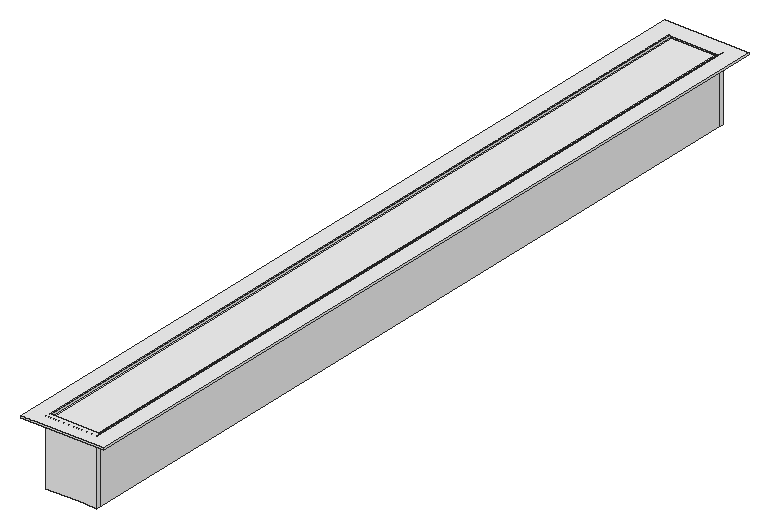
Revit family "EOS3.0-R-WET", category Lighting Fixtures, host Face, Revit 2018
Family settings
  Host = Face
  Round Connector Dimension = Use Diameter
  Part Type = Normal
  Cut with Voids When Loaded = No
  Light Source = Yes
  Shared = Yes
  Room Calculation Point = Yes
Parameters (values of type "4' Direct")
  Wattage = 17.6471 W
  built-in parameter 1150110 = 1 (stored number, unit not read)
  Voltage = 0 V
  Type Comments = "LUX ILLUMINAIRE"
  Trim = yes
  built-in parameter 1114217 = 1 (stored number, unit not read)
  Tilt Angle = 90.00°
  built-in parameter 1150109 = 1 (stored number, unit not read)
  built-in parameter 1150134 = 12
  Switch Leg Visibility = no
  Switch Leg [instance] = ""
  built-in parameter 1150113 = 1 (stored number, unit not read)
  Photometric Web File = "EOS 3.0-R-WET 375 4 40K 8.ies"
  Material [instance] = LUX ILLUMINAIRE White
  Manufacturer = ""
  built-in parameter 1150105 = 119.37 (stored number, unit not read)
  Lumens = 1500 lm
  built-in parameter 1150115 = 1 (stored number, unit not read)
  built-in parameter 1150137 = (empty or 0)
  built-in parameter 1150139 = (empty or 0)
  built-in parameter 1150112 = 1 (stored number, unit not read)
  built-in parameter 1150114 = 1 (stored number, unit not read)
  Lamp = "LED"
  built-in parameter 1150132 = 2
  built-in parameter 1150102 = (empty or 0)
  built-in parameter 1150107 = 4000 (stored number, unit not read)
  built-in parameter 1150138 = (empty or 0)
  built-in parameter 1150106 = 1.1937 (stored number, unit not read)
  Fixture Width = 0' - 3 19/128"  # constant formula
  Fixture Symbol Visiblity = yes
  Fixture Length = 4' - 0"
  Emit from Rectangle Width = Fixture Width - 0' 0 1/4"  # 0' - 2 115/128"
  Emit from Rectangle Length = Fixture Length  # 4' - 0"
  Emit Shape Visible in Rendering = yes
  Emergency Lighting [instance] = no
  built-in parameter 1150104 = 7.8968 (stored number, unit not read)
  Dimming Lamp Color Temperature Shift = <None>
  Default Elevation = 4' - 0"
  Color Filter = 16777215
  built-in parameter 1140040 [instance] = 1
  built-in parameter 1114218 = 1 (stored number, unit not read)
  built-in parameter 1150133 = 10 (stored number, unit not read)
  Apparent Load = 14.6 VA
Types (7): name | Wattage | Type Comments | Manufacturer | built-in parameter 1150105 | Lumens | built-in parameter 1150106 | Fixture Length | Emit from Rectangle Length | Apparent Load
  2' Direct | 8.82353 W | 0' - 0" | "LUX ILLUMINAIRE" | 59.683 (stored number, unit not read) | 750 lm | 0.59683 (stored number, unit not read) | 2' - 0" | 2' - 0" | 7.4 VA
  3' Direct | 13.2353 W | "LUX ILLUMINAIRE" | "" | 89.525 (stored number, unit not read) | 1125 lm | 0.89525 (stored number, unit not read) | 3' - 0" | 3' - 0" | 11 VA
  4' Direct | 17.6471 W | "LUX ILLUMINAIRE" | "" | 119.37 (stored number, unit not read) | 1500 lm | 1.1937 (stored number, unit not read) | 4' - 0" | 4' - 0" | 14.6 VA
  5' Direct | 22.0588 W | "LUX ILLUMINAIRE" | "" | 149.21 (stored number, unit not read) | 1875 lm | 1.4921 (stored number, unit not read) | 5' - 0" | 5' - 0" | 18.2 VA
  6' Direct | 26.4706 W | 0' - 0" | "LUX ILLUMINAIRE" | 179.05 (stored number, unit not read) | 2250 lm | 1.7905 (stored number, unit not read) | 6' - 0" | 6' - 0" | 21.9 VA
  7' Direct | 30.8824 W | 0' - 0" | "LUX ILLUMINAIRE" | 208.89 (stored number, unit not read) | 2625 lm | 2.0889 (stored number, unit not read) | 7' - 0" | 7' - 0" | 25.5 VA
  8' Direct | 35.2941 W | 0' - 0" | "LUX ILLUMINAIRE" | 238.73 (stored number, unit not read) | 3000 lm | 2.3873 (stored number, unit not read) | 8' - 0" | 8' - 0" | 29.2 VA
Reference planes (in)
  plane 1 "Center (Front/Back)": y = 0
  plane 2: z = 0
  plane 3 "Center (Left/Right)": x = 0
  plane 4: x = 1.57422
  plane 5: x = -1.57422
  plane 6: y = 24
  plane 7: y = -24
  plane 8: z = 0
  plane 9: y = 24.25
  plane 10: y = -24.25
  plane 11: z = -3.91797
Forms (in)
  Extrusion 1, solid, material "LUX ILLUMINAIRE White" <- "Material"
    sketch origin (0, 0, -20.03125) x (1, 0, 0) y (0, 0, 1)
      loop
        line (-1.57447, 16.11178) -> (-0.437, 16.11178) -> (0.438, 16.11178) -> (1.57548, 16.11178) -> (1.57548, 20.12626) -> (1.49049, 20.12626) -> (1.49049, 20.01325) -> (1.3385, 20.03122) -> (-1.33792, 20.03122) -> (-1.48948, 20.01325) -> (-1.48948, 20.12626) -> (-1.57447, 20.12626) -> (-1.57447, 16.11178)
    from -24 to 24
  Extrusion 2, solid, material "LUX ILLUMINAIRE White" <- "Material"
    sketch origin (0, 0, -20.03125) x (1, 0, 0) y (0, 0, 1)
      loop
        line (-1.57447, 20.12626) -> (-1.57447, 16.11178) -> (-0.437, 16.11178) -> (0.438, 16.11178) -> (1.57548, 16.11178) -> (1.57548, 20.12626) -> (-1.57447, 20.12626)
    from 24 to 24.25
  Extrusion 3, solid, not visible
    sketch origin (0, 0, 0) x (1, 0, 0) y (0, 1, 0)
      loop
        circle (0.00029, -24) r 0.1875
    from 0 to 1
  Extrusion 4, solid, not visible
    sketch origin (0, 0, 0) x (1, 0, 0) y (0, 1, 0)
      loop
        circle (0.0005, -24) r 0.03125
    from 1 to 13.33203
  Extrusion 5, solid, not visible
    sketch origin (0, 0, 0) x (1, 0, 0) y (0, 1, 0)
      loop
        circle (0.0005, -24) r 0.18729
    from 13.33203 to 14.08203
  Extrusion 6, solid, material "LUX ILLUMINAIRE White" <- "Material"
    sketch origin (0.00056, 24, -20.03125) x (1, 0, 0) y (0, 0, -1)
      loop
        line (-1.57478, -20.12626) -> (1.57366, -20.12626) -> (1.57366, -16.11178) -> (0.438, -16.11178) -> (-0.437, -16.11178) -> (-1.57478, -16.11178) -> (-1.57478, -20.12626)
    from 0 to 0.25
  Extrusion 7, solid, material "LUX ILLUMINAIRE White" <- "Material", visible <- "Trim"
    sketch origin (0, 0, 0) x (1, 0, 0) y (0, 1, 0)
      loop
        line (-2.57422, 25) -> (-2.57422, -25) -> (2.57422, -25) -> (2.57422, 25) -> (-2.57422, 25)
      loop
        line (-1.57422, 24) -> (-1.57422, -24) -> (1.57422, -24) -> (1.57422, 24) -> (-1.57422, 24)
    from 0 to 0.125
Lines and regions (in)
  symbolic lines, visible <- "Fixture Symbol Visiblity"
    curve 1: line (-1.57422, 24, 0) -> (1.57422, 24, 0)
    curve 2: line (-1.57422, -24, 0) -> (-1.57422, 24, 0)
    curve 3: line (1.57422, -24, 0) -> (-1.57422, -24, 0)
    curve 4: line (1.57422, 24, 0) -> (1.57422, -24, 0)
Dimensions and locks (in)
  plane 5 to plane 4 = 0' - 3 19/128"
  equal spacing: plane 7, plane 1 "Center (Front/Back)", plane 6
  "Fixture Length": plane 7 to plane 6
  plane 8 to host face = 0' - 0"
  locked: plane 6 to plane 9 at 0.25
  locked: plane 10 to plane 7 at 0.25
  Extrusion 6 to plane 8 to plane 11 = 0' - 0.09501" locked, 0' - 3 235/256" locked
  "Fixture Width": plane 4 to plane 5
  equal spacing: plane 4, plane 3 "Center (Left/Right)", plane 5
  locked: nested 2 to plane 10 at 9.5
  plane 11 to plane 8 = 0' - 3 235/256"
  Extrusion 7 sketch curve to Extrusion 7 sketch curve = 0' - 1"  (x3)
  Extrusion 2 to Extrusion 7 sketch curve = 0' - 1"
  aligned and locked: plane 2 to host face
  aligned and locked: level to host face
  aligned and locked: Extrusion 6 to plane 5
  aligned and locked: plane 4 to Extrusion 6
  aligned and locked: plane 6 to Extrusion 6
  aligned and locked: Extrusion 1 to plane 6
  aligned and locked: plane 10 to Extrusion 2
  aligned and locked: Extrusion 2 to plane 7
  aligned and locked: plane 7 to Extrusion 1
  aligned and locked: Extrusion 6 to plane 9
  aligned and locked: plane 7 to nested 1
  aligned and locked: plane 6 to curve 1
  aligned and locked: plane 5 to curve 2
  aligned and locked: curve 3 to plane 7
  aligned and locked: curve 4 to plane 4
  aligned and locked: nested 1 to plane 6
  aligned and locked: Extrusion 7 sketch curve to plane 4
  aligned and locked: Extrusion 7 sketch curve to plane 7
  aligned and locked: plane 5 to Extrusion 7 sketch curve
  aligned and locked: plane 6 to Extrusion 7 sketch curve
Automatic sketch dimensions
  host sketch curve to host sketch curve = 8' - 0"  (x2)
  Extrusion 1 sketch curve to plane 5 = 0' - 0.00025"
  plane 5 to Extrusion 1 sketch curve = 0' - 0.08474"  (x2)
  Extrusion 1 sketch curve to plane 8 = 0' - 0.018"  (x2)
  Extrusion 1 sketch curve to plane 8 = 0' - 0.00003"  (x2)
  Extrusion 1 sketch curve to Extrusion 1 sketch curve = 0' - 0.15157"
  Extrusion 1 sketch curve to plane 11 = 0' - 0.0015"
  Extrusion 1 sketch curve to plane 3 "Center (Left/Right)" = 0' - 0.437"
  plane 3 "Center (Left/Right)" to Extrusion 1 sketch curve = 0' - 0.438"
  Extrusion 1 sketch curve to plane 4 = 0' - 0.23572"
  Extrusion 1 sketch curve to plane 4 = 0' - 0.08373"  (x2)
  plane 4 to Extrusion 1 sketch curve = 0' - 0.00126"
  plane 8 to Extrusion 1 sketch curve = 0' - 0.09501"  (x2)
  Extrusion 1 sketch curve to Extrusion 1 sketch curve = 0' - 0"  (x2)
  Extrusion 2 sketch curve to plane 5 = 0' - 0.00025"
  Extrusion 2 sketch curve to plane 11 = 0' - 0.0015"
  Extrusion 2 sketch curve to plane 3 "Center (Left/Right)" = 0' - 0.437"
  plane 3 "Center (Left/Right)" to Extrusion 2 sketch curve = 0' - 0.438"
  plane 4 to Extrusion 2 sketch curve = 0' - 0.00126"
  plane 8 to Extrusion 2 sketch curve = 0' - 0.09501"
  plane 5 to Extrusion 6 sketch curve = 0' - 0"
  Extrusion 6 sketch curve to plane 11 = 0' - 0.0015"
  Extrusion 6 sketch curve to plane 3 "Center (Left/Right)" = 0' - 0.43644"
  plane 3 "Center (Left/Right)" to Extrusion 6 sketch curve = 0' - 0.43856"
  plane 4 to Extrusion 6 sketch curve = 0' - 0"
  plane 8 to Extrusion 6 sketch curve = 0' - 0.09501"
  radius of Extrusion 3 sketch curve = 0' - 0 3/16"
  radius of Extrusion 4 sketch curve = 0' - 0 1/32"
  radius of Extrusion 5 sketch curve = 0' - 0.18729"
Nested families (in)
  nested 1: "Emergency Symbol Rectangle" at (-10.7701, 0, 0) x (0, 1, 0) z (0, 0, 1), visible <- "Emergency Lighting", type "Emergency Symbol Rectangle"
    with Width 0' - 8.29019", Length 4' - 0"
  nested 2: "Switch Leg Annotation" at (9.99627, -14.75, 0) x (0, 1, 0) z (0, 0, 1), visible <- "Switch Leg Visibility", Switch Leg Annotation <- "Switch Leg", type "Switch Leg Annotation"
    with Switch Leg Annotation ""
Connectors (in)
  electrical at (-1.00574, 0, -3.91947), driven by "Apparent Load", driven by "Voltage"
    settings: on Extrusion 1, index 1, voltage 0 V, apparent load 0 VA, apparent load phase1 14.6 VA, apparent load phase2 0 VA, apparent load phase3 0 VA, power factor 1, load classification "Other", number of poles 1, system type 31, power factor state 1, is connector primary yes, connector utility no, sub classification motor no, connector description ""
Definition of nested family "Emergency Symbol Rectangle"
  Parameters (values of type "Emergency Symbol Rectangle")
    Width [instance] = 0' - 8 1/2"
    Length [instance] = 5' - 0"
    Emergency Visibility = no
  Reference planes (in)
    plane 1 "Center (Front/Back)": y = -7.75
    plane 2: z = 0
    plane 3 "Center (Left/Right)": x = -24
    plane 4: x = 24
    plane 5: x = -36
    plane 6: y = -3.5
    plane 7: y = -12
  Lines and regions (in)
    Filled region 1, type "Solid Fill - Black", in view "Ref. Level", detail levels coarse+medium
      outline origin (0, 0.25, 0) x (1, 0, 0) y (0, 1, 0)
        loop
          line (-36, -12.25) -> (24, -12.25) -> (-36, -10.125) -> (-36, -12.25)
  Dimensions and locks (in)
    equal spacing: plane 7, plane 1 "Center (Front/Back)", plane 6
    "Width": plane 7 to plane 6
    "Length": plane 5 to plane 4
    aligned and locked: plane 5 to Filled region 1
  Automatic sketch dimensions
    plane 1 "Center (Front/Back)" to Filled region 1 sketch curve = 0' - 2 1/8"
    Filled region 1 sketch curve to plane 3 "Center (Left/Right)" = 1' - 0"
    Filled region 1 sketch curve to plane 4 = 0' - 0"
    Filled region 1 sketch curve to plane 7 = 0' - 0"
Definition of nested family "Switch Leg Annotation"
  Parameters (values of type "Switch Leg Annotation")
    Switch Leg Annotation [instance] = ""
  Reference planes (in)
    plane 1: y = 0
    plane 2: x = 0
  Text (in)
    label "a" at (0.00527, 0.01239, 0), shows "Switch Leg Annotation"
